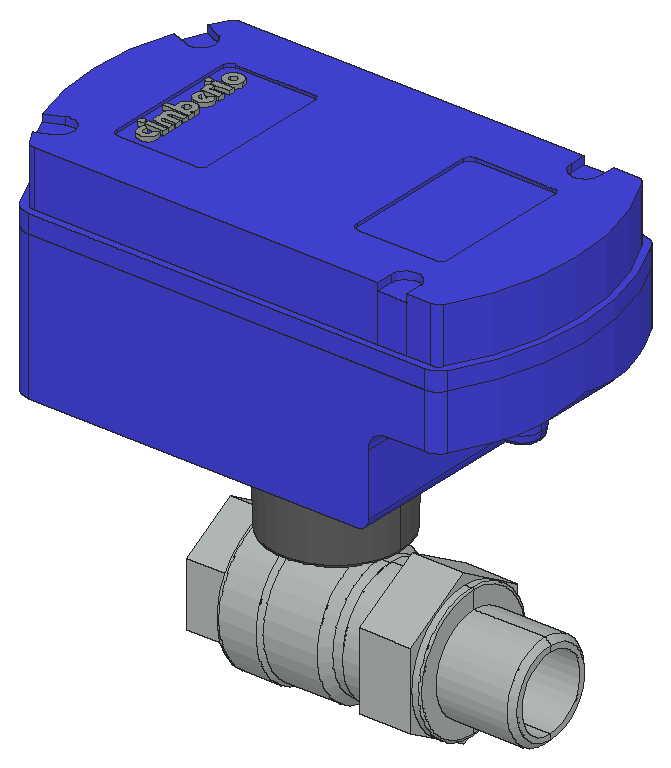
Revit family "QD29820000", category Apparecchi idraulici, Revit 2020
Family settings
  Quota connettore circolare = Usa diametro
  Tipo di parte = Normale
  Numero OmniClass = 23.45.00.00
  Titolo OmniClass = Sanitary, Laundry, and Cleaning Equipment
  Basato su piano di lavoro = No
  Sempre verticale = Sì
  Taglio con vuoti quando caricato = No
  Condiviso = No
  Punto di calcolo locali = No
Parameters
  URL = "https://web.cimberio.it/index.php/figura/1105?subcategoria_id=74926"
  Temperatura di esercizio = "-20 ÷ 150°C"
  Prospetto di default = 0 mm
  Produttore = "CIMBERIO SPA"
  Pressione nominale = "PN 25"
  Modello = "Cim 603RE24"
  Materiale = "Prodotto in lega di ottone conforme alla norma EN 12165-CW617N-DW"
  Descrizione = "Utilizzato nei più svariati settori dell'impiantistica: impianti di riscaldamento, condizionamento, idrici, igienico-sanitari, aria compressa e in generale con ogni fluido non corrosivo.\r\nParticolarmente indicato come valvola di zona per la regolazione e contabilizzazione di impianti di riscaldamento singoli o a zone, impianti con utilizzazione di energie alternative, impianti con fluidi caldi o freddi e impianti di automazione in genere."
  DN Model [instance] = QD29821020 : QD29821020
  DN [instance] = 20 mm
  Commenti sul tipo = "Realizzato in ottemperanza ai requisiti gestionali della norma EN ISO 9001.\r\nCollaudato al 100% secondo la normativa EN 12266-1"
Reference planes
  plane 1 "Centro (Fronte/Retro)": y = 0
  plane 2: z = 0
  plane 3 "Centro (Sinistra/Destra)": x = 0
Dimensions and locks
  aligned and locked: level to plane 2
Nested families
  nested 1: "QD29821020" at (0, 0, 0), type <- "DN Model", type "QD29821020"
  nested 2: "QD29821020" at (0, 0, 0), type <- "DN Model", type "QD29821020"
  nested 3: "QD29821020" at (0, 0, 0), type <- "DN Model", type "QD29821020"
Connectors
  piping at (-28.6, 0, 0), diameter 20, driven by "DN"
    settings: on nested 1, index 1, connector inside diameter 609.6 mm, connector length 0 mm, flow factor 0, pipe flow 0.0 L/s, pressure drop 0.0 Pa, fitting loss kfactor 0, connector angle 0.00°, fixture units 0, engagement length 0 mm, angle of deflection 0.00°, flow configuration 0, flow direction 0, fitting loss method 0, system type 7, joint type 0, gender type 0, connector reference index -1, connector utility 0, adjustable connector no, is connector primary yes, connector description ""
  piping at (58.329, 0, 0), diameter 20, driven by "DN"
    settings: on nested 2, index 2, connector inside diameter 609.6 mm, connector length 0 mm, flow factor 0, pipe flow 0.0 L/s, pressure drop 0.0 Pa, fitting loss kfactor 0, connector angle 0.00°, fixture units 0, engagement length 0 mm, angle of deflection 0.00°, flow configuration 0, flow direction 0, fitting loss method 0, system type 7, joint type 0, gender type 0, connector reference index -1, connector utility 0, adjustable connector no, is connector primary no, connector description ""
Definition of nested family "QD29821020"
  Parameters (values of type "QD29821020")
    URL = "https://web.cimberio.it/index.php/figura/394?subcategoria_id="
    Temperatura di esercizio = "-10 ÷ 95°C"
    Default Elevation = 0 mm
    Manufacturer = "CIMBERIO SPA"
    Pressione nominale = "PN 16"
    Model = "Cim 32"
    Materiale = "Prodotto in lega di ottone conforme alla norma EN 12165-CW617N-DW"
    Description = "Impiegato nei più svariati settori dell'impiantistica in condutture anti-ritorno per: reti di distribuzione acqua potabile, impianti di riscaldamento, condizionamento, igienico-sanitari e in generale con ogni fluido non corrosivo."
    DN [instance] = 50 mm
    Type Comments = "Realizzato in ottemperanza ai requisiti gestionali della norma EN ISO 9001.\r\nCollaudato al 100% secondo la normativa EN 12266-1"
  Reference planes
    plane 1 "Centro (Fronte/Retro)": y = 0
    plane 2: z = 0
    plane 3 "Centro (Sinistra/Destra)": x = 0
  Forms (mm)
    Revolve 1, solid
      sketch origin (0, 0, 0) x (1, 0, 0) y (0, 0, 1)
        loop
          line (15.05, -10) -> (-17.1, -10) -> (-17.1, -18.5)
          arc (-17.1, -18.5) -> (-16.807, -19.207) -> (-16.1, -19.5) r 1
          line (-16.1, -19.5) -> (-6, -19.5) -> (-5, -18.5) -> (9.75, -18.5) -> (12, -16.25) -> (15.05, -16.25) -> (15.05, -10)
        axis (-17.1, 0) -> (15.05, 0)
      angle from 0 to 360
    Extrusion 2, solid
      sketch origin (0, 0, 0) x (0, 1, 0) y (0, 0, 1)
        loop
          circle (0, 0) r 10
        loop
          line (0, 17.25) -> (-14.939, 8.625) -> (-14.939, -8.625) -> (0, -17.25) -> (14.939, -8.625) -> (14.939, 8.625) -> (0, 17.25)
      from -28.6 to -17.1
    Revolve 3, solid
      sketch origin (0, 0, 0) x (1, 0, 0) y (0, 0, 1)
        loop
          line (7.331, 37.805) -> (0, 37.805) -> (0, 13.864) -> (7.331, 13.864) -> (7.331, 37.805)
        axis (0, 37.805) -> (0, 13.864)
      angle from 0 to 360
    Extrusion 4, solid
      sketch origin (0, 0, 0) x (1, 0, 0) y (0, 0, 1)
        loop
          line (-11.431, 34.091) -> (-11.431, 13.864) -> (-6.253, 13.864) -> (-6.253, 34.091) -> (-11.431, 34.091)
      from -0.812 to 0.713
    Revolve 5, solid
      sketch origin (0, 0, -3.5) x (1, 0, 0) y (0, 0, 1)
        loop
          line (0, 51.8) -> (0, 36.671) -> (3.652, 36.671) -> (3.652, 23.3) -> (16.983, 23.3)
          arc (16.983, 23.3) -> (17.427, 23.419) -> (17.69, 23.796) r 0.672
          line (17.69, 23.796) -> (17.955, 46.8) -> (19, 46.8)
          arc (19, 46.8) -> (19.707, 47.093) -> (20, 47.8) r 1
          line (20, 47.8) -> (20, 51.8) -> (0, 51.8)
        axis (0, 51.8) -> (0, 23.3)
      angle from 0 to 360
    Extrusion 6, solid
      sketch origin (0, 0, -3.5) x (1, 0, 0) y (0, 1, 0)
        loop
          arc (-53.687, 37) -> (-56.156, 36.347) -> (-57.982, 34.56) r 5
          arc (-57.982, 34.56) -> (-67.5, 0) -> (-57.982, -34.56) r 67.5
          arc (-57.982, -34.56) -> (-56.156, -36.347) -> (-53.687, -37) r 5
          line (-53.687, -37) -> (53.687, -37)
          arc (53.687, -37) -> (56.156, -36.347) -> (57.982, -34.56) r 5
          arc (57.982, -34.56) -> (67.5, 0) -> (57.982, 34.56) r 67.5
          arc (57.982, 34.56) -> (56.156, 36.347) -> (53.687, 37) r 5
          line (53.687, 37) -> (-53.687, 37)
      from 51.8 to 91.8
    Extrusion 7, solid
      sketch origin (0, 0, 36.5) x (1, 0, 0) y (0, 1, 0)
        loop
          arc (-53.687, 37) -> (-56.156, 36.347) -> (-57.982, 34.56) r 5
          arc (-57.982, 34.56) -> (-67.5, 0) -> (-57.982, -34.56) r 67.5
          arc (-57.982, -34.56) -> (-56.156, -36.347) -> (-53.687, -37) r 5
          line (-53.687, -37) -> (53.687, -37)
          arc (53.687, -37) -> (56.156, -36.347) -> (57.982, -34.56) r 5
          arc (57.982, -34.56) -> (67.5, 0) -> (57.982, 34.56) r 67.5
          arc (57.982, 34.56) -> (56.156, 36.347) -> (53.687, 37) r 5
          line (53.687, 37) -> (-53.687, 37)
      from 51.8 to 56.8
    Extrusion 8, solid
      sketch origin (0, 0, -3.5) x (1, 0, 0) y (0, 1, 0)
        loop
          arc (-53.687, 35) -> (-55.168, 34.608) -> (-56.264, 33.536) r 3
          arc (-56.264, 33.536) -> (-57.395, 31.561) -> (-58.457, 29.547) r 65.5
          arc (-58.457, 29.547) -> (-60.152, 25.922) -> (-61.623, 22.2) r 65.5
          arc (-61.623, 22.2) -> (-65.5, 0) -> (-61.623, -22.2) r 65.5
          arc (-61.623, -22.2) -> (-60.152, -25.922) -> (-58.457, -29.547) r 65.5
          arc (-58.457, -29.547) -> (-57.395, -31.561) -> (-56.264, -33.536) r 65.5
          arc (-56.264, -33.536) -> (-55.168, -34.608) -> (-53.687, -35) r 3
          line (-53.687, -35) -> (39.293, -35) -> (47.293, -35) -> (53.687, -35)
          arc (53.687, -35) -> (55.168, -34.608) -> (56.264, -33.536) r 3
          arc (56.264, -33.536) -> (65.5, 0) -> (56.264, 33.536) r 65.5
          arc (56.264, 33.536) -> (55.168, 34.608) -> (53.687, 35) r 3
          line (53.687, 35) -> (47.293, 35) -> (39.293, 35) -> (-53.687, 35)
      from 96.8 to 111.8
    Extrusion 9, void
      sketch origin (0, 0, -3.5) x (1, 0, 0) y (0, 1, 0)
        loop
          arc (-57.295, 20.329) -> (-52.036, 22.412) -> (-54.12, 27.671) r 4
          line (-54.12, 27.671) -> (-59.289, 29.907) -> (-62.465, 22.564) -> (-57.295, 20.329)
        loop
          arc (-54.12, -27.671) -> (-52.036, -22.412) -> (-57.295, -20.329) r 4
          line (-57.295, -20.329) -> (-62.083, -22.399) -> (-58.908, -29.742) -> (-54.12, -27.671)
        loop
          arc (39.293, 30.5) -> (43.293, 26.5) -> (47.293, 30.5) r 4
          line (47.293, 30.5) -> (47.293, 35.946) -> (39.293, 35.946) -> (39.293, 30.5)
        loop
          line (39.293, -30.43) -> (39.293, -35) -> (47.293, -35) -> (47.293, -30.5)
          arc (47.293, -30.5) -> (43.293, -26.5) -> (39.293, -30.5) r 4
      from 109.8 to 117.274
    Extrusion 10, void
      sketch origin (0, 0, -3.5) x (1, 0, 0) y (0, 1, 0)
        loop
          line (-21.999, 20) -> (-43.001, 20)
          arc (-43.001, 20) -> (-44.415, 19.414) -> (-45, 18) r 2
          line (-45, 18) -> (-45, -18)
          arc (-45, -18) -> (-44.414, -19.415) -> (-42.999, -20) r 2
          line (-42.999, -20) -> (-21.999, -20)
          arc (-21.999, -20) -> (-20.585, -19.414) -> (-20, -18) r 2
          line (-20, -18) -> (-20, 18)
          arc (-20, 18) -> (-20.585, 19.414) -> (-21.999, 20) r 2
        loop
          arc (22.001, 20) -> (20.586, 19.415) -> (20, 18) r 2
          line (20, 18) -> (20, -18)
          arc (20, -18) -> (20.586, -19.415) -> (22.001, -20) r 2
          line (22.001, -20) -> (43.001, -20)
          arc (43.001, -20) -> (44.415, -19.414) -> (45, -18) r 2
          line (45, -18) -> (45, 18)
          arc (45, 18) -> (44.415, 19.414) -> (43.001, 20) r 2
          line (43.001, 20) -> (22.001, 20)
      from 111.039 to 121
    Extrusion 11, solid
      sketch origin (0, 0, 107.539) x (1, 0, 0) y (0, 1, 0)
        loop
          arc (-41.222, -13.089) -> (-39.283, -17.248) -> (-37.344, -13.089) r 2.531
          line (-37.344, -13.089) -> (-38.507, -14.066)
          arc (-38.507, -14.066) -> (-39.283, -15.729) -> (-40.058, -14.066) r 1.013
          line (-40.058, -14.066) -> (-41.222, -13.089)
        loop
          line (-36.751, -12.583) -> (-36.751, -11.064) -> (-41.814, -11.064) -> (-41.814, -12.583) -> (-36.751, -12.583)
        loop
          circle (-43.08, -11.824) r 0.861
        loop
          line (-36.751, -9.039) -> (-39.89, -9.039)
          arc (-39.89, -9.039) -> (-40.295, -8.634) -> (-39.89, -8.229) r 0.405
          line (-39.89, -8.229) -> (-36.751, -8.229) -> (-36.751, -6.711) -> (-39.89, -6.711)
          arc (-39.89, -6.711) -> (-40.295, -6.306) -> (-39.89, -5.901) r 0.405
          line (-39.89, -5.901) -> (-36.751, -5.901) -> (-36.751, -4.382) -> (-39.89, -4.382)
          arc (-39.89, -4.382) -> (-41.614, -5.451) -> (-41.422, -7.47) r 1.924
          arc (-41.422, -7.47) -> (-41.614, -9.489) -> (-39.89, -10.558) r 1.924
          line (-39.89, -10.558) -> (-36.751, -10.558) -> (-36.751, -9.039)
        loop
          line (-43.839, -3.876) -> (-36.751, -3.876) -> (-36.751, -2.357) -> (-37.544, -2.357) -> (-36.841, -2.013)
          arc (-36.841, -2.013) -> (-39.465, 1.18) -> (-41.603, -2.357) r 2.531
          line (-41.603, -2.357) -> (-43.839, -2.357) -> (-43.839, -3.876)
        loop
          circle (-39.283, -1.344) r 1.012
        loop
          arc (-41.013, 6.072) -> (-39.435, 1.698) -> (-37.344, 5.851) r 2.531
          line (-37.344, 5.851) -> (-38.507, 4.875)
          arc (-38.507, 4.875) -> (-38.282, 4.378) -> (-38.348, 3.836) r 1.013
          line (-38.348, 3.836) -> (-41.013, 6.072)
        loop
          line (-38.738, 3.371) -> (-40.218, 4.612)
          arc (-40.218, 4.612) -> (-39.934, 3.449) -> (-38.738, 3.371) r 1.013
        loop
          line (-36.751, 6.358) -> (-36.751, 7.876) -> (-40.426, 7.876)
          arc (-40.426, 7.876) -> (-41.131, 9.395) -> (-41.814, 7.867) r 0.92
          line (-41.814, 7.867) -> (-41.814, 6.358) -> (-36.751, 6.358)
        loop
          line (-36.751, 9.901) -> (-36.751, 11.42) -> (-41.814, 11.42) -> (-41.814, 9.901) -> (-36.751, 9.901)
        loop
          circle (-43.08, 10.661) r 0.861
        loop
          circle (-39.283, 14.458) r 2.531
        loop
          circle (-39.283, 14.458) r 1.012
      from 0 to 1
    Revolve 12, solid
      sketch origin (0, 0, 0) x (-1, 0, 0) y (0, 0, 1)
        loop
          line (-15.067, 16.575) -> (-20.899, 16.575) -> (-20.899, 10) -> (-15.067, 10) -> (-15.067, 16.575)
        axis (-20.899, 0) -> (-15.067, 0)
      angle from 0 to 360
    Extrusion 13, solid
      sketch origin (-2.121, 0, 0) x (0, 1, 0) y (0, 0, -1)
        loop
          circle (0, 0) r 10
        loop
          line (0, -20.75) -> (17.97, -10.375) -> (17.97, 10.375) -> (0, 20.75) -> (-17.97, 10.375) -> (-17.97, -10.375) -> (0, -20.75)
      from -36.95 to -23.021
    Revolve 14, solid
      sketch origin (-14.771, 0, 0) x (-1, 0, 0) y (0, 0, -1)
        loop
          line (-51.601, -18) -> (-49.6, -18) -> (-49.6, -10) -> (-52.1, -10) -> (-52.1, -17.499)
          arc (-52.1, -17.499) -> (-51.954, -17.853) -> (-51.601, -18) r 0.5
        axis (-52.1, 0) -> (-49.6, 0)
      angle from 0 to 360
    Revolve 15, solid
      sketch origin (-14.771, 0, 0) x (-1, 0, 0) y (0, 0, -1)
        loop
          line (-51.6, -12.9) -> (-51.6, -10) -> (-73.1, -10) -> (-73.1, -11.4) -> (-71.6, -12.9) -> (-51.6, -12.9)
        axis (-73.1, 0) -> (-51.6, 0)
      angle from 0 to 360
    Extrusion 16, void
      sketch origin (53.687, -37, -3.5) x (1, 0, 0) y (0, 0, -1)
        loop
          arc (10.861, -76.8) -> (12.982, -77.679) -> (13.861, -79.8) r 3
          line (13.861, -79.8) -> (18.861, -79.8) -> (18.861, -47.437) -> (-18.139, -47.437) -> (-18.139, -51.8)
          arc (-18.139, -51.8) -> (-16.018, -52.679) -> (-15.139, -54.8) r 3
          line (-15.139, -54.8) -> (-15.139, -71.8)
          arc (-15.139, -71.8) -> (-13.673, -75.338) -> (-10.133, -76.8) r 5
          line (-10.133, -76.8) -> (10.861, -76.8)
      from -27.232 to 98.451
    Revolve 17, solid
      sketch origin (53.687, 0, -3.5) x (-1, 0, 0) y (0, 0, -1)
        loop
          line (-2.306, -66.221) -> (-2.861, -76.8) -> (3.139, -76.8) -> (3.139, -63.8) -> (-1.381, -63.8)
          arc (-1.381, -63.8) -> (-1.763, -63.939) -> (-1.966, -64.291) r 0.594
          line (-1.966, -64.291) -> (-2.306, -66.221)
        axis (3.139, -63.8) -> (3.139, -76.8)
      angle from 0 to 360
  Cuts and joins
    Extrusion 9, Extrusion 16 cuts Extrusion 6
    Extrusion 9 cuts Extrusion 7
    Extrusion 9, Extrusion 10 cuts Extrusion 8
  Dimensions and locks
    aligned and locked: level to plane 2
